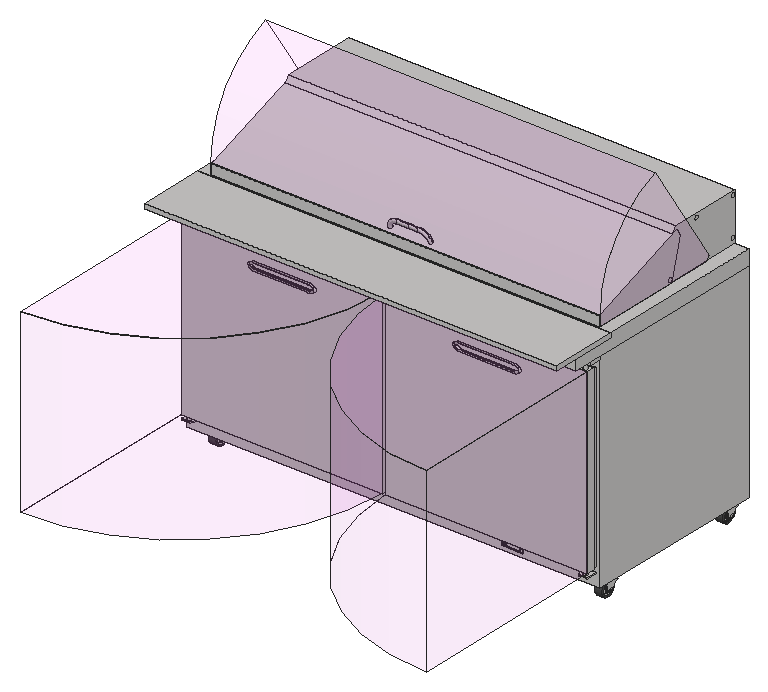
Revit family "QF_Kelvinator_738261_KCHMT60.24", category Specialty Equipment, Revit 2021
Family settings
  Round Connector Dimension = Use Diameter
  Part Type = Normal
  Work Plane-Based = No
  Always vertical = Yes
  Cut with Voids When Loaded = No
  Shared = No
  Room Calculation Point = No
Parameters
  Weight in Pounds = 275.578
  Weight = 125.00 lbm
  Watts = 0 W
  Volts = 115 V
  URL Manufacturer = "KELVINATOR"
  URL Cutsheet = ""
  URL = "KELVINATOR"
  Specification by User = ""
  Specification by Manufacturer = ""
  Serial Number = ""
  Seismic Rating = ""
  SMACNA No = ""
  Revision Code = ""
  Refrigerant Type = "R290"
  Phase = 1
  Number of Poles = 1
  NAFEM Spec ID Number = ""
  Model = "KCHMT60.24"
  Min Ckt Ampacity = 0 A
  Max Overcurrent Protection = 0 A
  Masterspec = ""
  Manufacturer = "Kelvinator"
  Length Actual = 1555"
  Length = 61 1/4"
  Item Number = "738261"
  Installed By = ""
  Identify Quantity as Lot = yes
  Height Actual = 1100"
  Height = 43.307"
  HP = "1 HP"
  Gas KW = 0
  Furnished By = ""
  Foodservice Equipment Identifier = yes
  FL Amps = 4.3 A
  Electrical Remarks = ""
  Electric Connection Type = ""
  Elec Conn RI Height = 0"
  Elec Conn Connection Height = 0"
  Description = "2-DOOR MEGA TOP PREP 61\" LONG 24-1/6 PAN"
  Depth Actual = 900"
  Depth = 35.433"
  Default Elevation = 0"
  Cycle = 60 Hz
  Conn Plug = "5-15P"
  Conn Conduit = yes
  CSI MasterFormat = ""
  Apparent Power = 0 VA
  Accessory = no
Reference planes (in)
  plane 1 "BACK": y = 0
  plane 2: z = 0
  plane 3 "LEFT": x = 0
  plane 4 "RIGHT": x = 61.25
  plane 5 "FRONT": y = -35.433
  plane 6 "TOP": z = 43.307
  plane 7 "Center Y": x = 30.625
  plane 8 "Center X": y = -17.7165
Dimensions and locks (in)
  equal spacing: plane 3 "LEFT", plane 7 "Center Y", plane 4 "RIGHT"
  "Length": plane 3 "LEFT" to plane 4 "RIGHT"
  equal spacing: plane 5 "FRONT", plane 8 "Center X", plane 1 "BACK"
  "Depth": plane 5 "FRONT" to plane 1 "BACK"
  "Height": plane 6 "TOP" to level
  aligned and locked: level to plane 2
Nested families (in)
  nested 1: "KCHST" at (0, 0, 0), type "KCHST"
    with Show Clearance yes
Connectors (in)
  electrical at (30.625, -0.87772, 2.31881), driven by "Volts", driven by "Watts"
    settings: on nested 1, index 1, voltage 115 V, apparent load 0 VA, apparent load phase1 0 VA, apparent load phase2 0 VA, apparent load phase3 0 VA, power factor 1, load classification "Power", number of poles 1, system type 30, power factor state 1, is connector primary yes, connector utility no, sub classification motor no, connector description "Electrical Connection"
Definition of nested family "KCHST"
  Parameters (values of type "KCHST")
    Weight in Pounds = 0
    URL Cutsheet = ""
    Specification by User = ""
    Specification by Manufacturer = ""
    Show Clearance [instance] = yes
    Serial Number = ""
    Seismic Rating = ""
    SMACNA No = ""
    Revision Code = ""
    NAFEM Spec ID Number = ""
    Masterspec = ""
    Length = 61 1/4"
    Item Number = ""
    Installed By = ""
    Identify Quantity as Lot = yes
    Height = 43.307"
    Furnished By = ""
    Foodservice Equipment Identifier = yes
    Depth = 35.433"
    Default Elevation = 0"
    CSI MasterFormat = ""
  Reference planes (in)
    plane 1 "BACK": y = 0
    plane 2: z = 0
    plane 3 "LEFT": x = 0
    plane 4 "RIGHT": x = 61.25
    plane 5 "FRONT": y = -35.433
    plane 6 "TOP": z = 43.307
    plane 7 "Center Y": x = 30.625
    plane 8 "Center X": y = -17.7165
    plane 9: z = 3.1
    plane 10: z = 33.9
    plane 11: y = -25.5
    plane 12: z = 36.2
    plane 13: y = -56
    plane 14: y = -29.2
    plane 15: z = 32.4
    plane 16: z = 5.6
    plane 17: y = -27.5
    plane 18: x = 59.25
    plane 19: x = 2
    plane 20: x = 15.42351
    plane 21: x = 45.82976
    plane 22: x = 59.375
    plane 23: x = 1.875
    plane 24: x = 1.945
    plane 25: x = 59.305
    plane 26: x = 0.5
    plane 27: x = 60.75
    plane 28: y = -31.9
    plane 29: z = 4.94353
    plane 30: through (0, -9.9541, 41.78057) normal (0, 0.9659, -0.2588)
    plane 31: x = 59.5
    plane 32: x = 1.72
  Forms (in)
    Extrusion 1, solid
      sketch origin (0, 0, 0) x (0, 1, 0) y (0, 0, 1)
        loop
          line (-27.5, 33.9) -> (-27.5, 3.1) -> (0, 3.1) -> (0, 33.9) -> (-27.5, 33.9)
      from 0 to 61.25
    Extrusion 2, solid
      sketch origin (0, 0, 0) x (0, 1, 0) y (0, 0, 1)
        loop
          line (-25.5, 36.2) -> (-25.5, 35.45) -> (-31.9, 35.45) -> (-31.9, 33.9) -> (0, 33.9) -> (0, 36.2) -> (-25.5, 36.2)
      from 0 to 61.25
    Extrusion 3, solid
      sketch origin (0, 0, 0) x (0, 1, 0) y (0, 0, 1)
        loop
          line (-35.433, 36.2) -> (-35.433, 35.45) -> (-25.5, 35.45) -> (-25.5, 36.2) -> (-35.433, 36.2)
      from 0 to 61.25
    Extrusion 4, solid
      sketch origin (0, 0, 0) x (0, 1, 0) y (0, 0, 1)
        loop
          line (-25.25, 36.2) -> (-12.40435, 36.2003)
          arc (-12.40435, 36.2003) -> (-12.06401, 36.30019) -> (-11.82007, 36.55768) r 0.68096
          line (-11.82007, 36.55768) -> (-10.4206, 41.90007) -> (-10.85311, 42.7135) -> (-25.25, 37.7) -> (-25.25, 36.2)
      from 1.875 to 59.375
    Extrusion 5, solid
      sketch origin (0, 0, 0) x (0, 1, 0) y (0, 0, 1)
        loop
          line (-12.40434, 36.2) -> (0, 36.2) -> (0, 43.307) -> (-10.99775, 43.307) -> (-11.58118, 42.47377) -> (-10.85311, 42.7135) -> (-10.4206, 41.90007) -> (-11.82007, 36.55768)
          arc (-11.82007, 36.55768) -> (-12.06401, 36.30019) -> (-12.40434, 36.2) r 0.68096
      from 1.945 to 59.305
    Extrusion 6, solid
      sketch origin (59.375, 4.25225, 0) x (0, 1, 0) y (0, 0, 1)
        loop
          circle (-16.51178, 36.72547) r 0.25
      from 0 to 0.07437
    Extrusion 7, solid
      sketch origin (59.305, -0.03482, 0) x (0, 1, 0) y (0, 0, 1)
        loop
          circle (-0.51178, 37.22547) r 0.25
      from 0 to 0.07
    Extrusion 8, solid
      sketch origin (59.305, -0.03482, 0) x (0, 1, 0) y (0, 0, 1)
        loop
          circle (-0.51178, 42.84497) r 0.25
      from 0 to 0.07
    Extrusion 9, solid
      sketch origin (59.305, -0.03482, 0) x (0, 1, 0) y (0, 0, 1)
        loop
          circle (-7.26178, 42.84497) r 0.25
      from 0 to 0.07
    Extrusion 10, solid
      sketch origin (1.945, 0, 0) x (0, -1, 0) y (0, 0, 1)
        loop
          circle (0.5466, 37.22547) r 0.25
      from 0 to 0.07
    Extrusion 11, solid
      sketch origin (1.945, 0, 0) x (0, -1, 0) y (0, 0, 1)
        loop
          circle (0.5466, 42.84497) r 0.25
      from 0 to 0.07
    Extrusion 12, solid
      sketch origin (1.945, 0, 0) x (0, -1, 0) y (0, 0, 1)
        loop
          circle (7.2966, 42.84497) r 0.25
      from 0 to 0.07
    Sweep 13, solid
      path origin (0, 3.95717, 8.33321) x (1, 0, 0) y (0, -0.312748, 0.949836)
        loop
          line (28.3125, 36.85625) -> (28.3125, 37.0125)
          arc (28.3125, 37.0125) -> (28.53217, 37.54283) -> (29.0625, 37.7625) r 0.75
          line (29.0625, 37.7625) -> (30.9375, 37.7625) -> (32.1875, 37.7625)
          arc (32.1875, 37.7625) -> (32.71783, 37.54283) -> (32.9375, 37.0125) r 0.75
          line (32.9375, 37.0125) -> (32.9375, 36.85625)
      profile origin (31.5625, -7.85298, 44.2014) x (0, -0.312748, 0.949836) y (0, -0.949836, -0.312748)
        loop
          circle (0.69146, 17.59878) r 0.25
    Extrusion 14, solid
      sketch origin (0, 0, 0) x (0, 1, 0) y (0, 0, 1)
        loop
          line (-29.2, 33.9) -> (-29.2, 33.4) -> (-27.5, 33.4) -> (-27.5, 33.9) -> (-29.2, 33.9)
      from 0 to 61.25
    Extrusion 15, solid
      sketch origin (30.625, 6.90541, 48) x (0, 1, 0) y (0, 0, 1)
        loop
          line (-36.10541, -15.6) -> (-36.10541, -42.4) -> (-34.95211, -42.4) -> (-34.95211, -15.6) -> (-36.10541, -15.6)
      from -0.25 to -30.125
    Extrusion 16, solid
      sketch origin (0, 0, 0) x (0, 1, 0) y (0, 0, 1)
        loop
          line (-28.04671, 32.20449) -> (-28.04671, 5.81322) -> (-27.79671, 5.81322) -> (-27.79671, 32.20449) -> (-28.04671, 32.20449)
      from 0.74536 to 30.10166
    Extrusion 17, solid
      sketch origin (0, 0.25, 0) x (0, 1, 0) y (0, 0, 1)
        loop
          line (-28.04671, 32.20449) -> (-28.04671, 5.81322) -> (-27.864, 5.81322) -> (-27.864, 32.20449) -> (-28.04671, 32.20449)
      from 0.74536 to 30.10166
    Extrusion 18, solid
      sketch origin (0, 0.4327, 0) x (0, 1, 0) y (0, 0, 1)
        loop
          line (-28.04671, 32.20449) -> (-28.04671, 5.81322) -> (-27.9327, 5.81322) -> (-27.9327, 32.20449) -> (-28.04671, 32.20449)
      from 0.74536 to 30.10166
    Extrusion 19, solid
      sketch origin (-5.72957, -27.5, -4.77927) x (-1, 0, 0) y (0, 0, 1)
        loop
          line (-52.44258, 9.70772) -> (-55.59219, 9.70772) -> (-55.59219, 8.52662) -> (-52.44258, 8.52662) -> (-52.44258, 9.70772)
        loop
          line (-52.52132, 9.63107) -> (-52.91503, 9.63107) -> (-52.91503, 9.31193) -> (-52.52132, 9.31193) -> (-52.52132, 9.63107)
        loop
          line (-52.52132, 9.27674) -> (-52.91503, 9.27674) -> (-52.91503, 8.9576) -> (-52.52132, 8.9576) -> (-52.52132, 9.27674)
        loop
          line (-52.52132, 8.92241) -> (-52.91503, 8.92241) -> (-52.91503, 8.60327) -> (-52.52132, 8.60327) -> (-52.52132, 8.92241)
        loop
          line (-55.51345, 9.63107) -> (-55.51345, 9.31193) -> (-55.11975, 9.31193) -> (-55.11975, 9.63107) -> (-55.51345, 9.63107)
        loop
          line (-55.51345, 9.27674) -> (-55.51345, 8.9576) -> (-55.11975, 8.9576) -> (-55.11975, 9.27674) -> (-55.51345, 9.27674)
        loop
          line (-55.51345, 8.92241) -> (-55.51345, 8.60327) -> (-55.11975, 8.60327) -> (-55.11975, 8.92241) -> (-55.51345, 8.92241)
        loop
          line (-52.99251, 9.63107) -> (-55.04227, 9.63107) -> (-55.04227, 8.60716) -> (-52.99251, 8.60716) -> (-52.99251, 9.63107)
      from 0.07874 to -0.04602
    Extrusion 20, solid
      sketch origin (-5.72957, -27.54602, -4.77927) x (1, 0, 0) y (0, 0, 1)
        loop
          line (55.11975, 9.63107) -> (55.11975, 9.31193) -> (55.51345, 9.31193) -> (55.51345, 9.63107) -> (55.11975, 9.63107)
        loop
          line (55.11975, 9.27674) -> (55.11975, 8.9576) -> (55.51345, 8.9576) -> (55.51345, 9.27674) -> (55.11975, 9.27674)
        loop
          line (55.11975, 8.92241) -> (55.11975, 8.60327) -> (55.51345, 8.60327) -> (55.51345, 8.92241) -> (55.11975, 8.92241)
        loop
          line (52.91503, 9.63107) -> (52.52132, 9.63107) -> (52.52132, 9.31193) -> (52.91503, 9.31193) -> (52.91503, 9.63107)
        loop
          line (52.91503, 9.27674) -> (52.52132, 9.27674) -> (52.52132, 8.9576) -> (52.91503, 8.9576) -> (52.91503, 9.27674)
        loop
          line (52.91503, 8.92241) -> (52.52132, 8.92241) -> (52.52132, 8.60327) -> (52.91503, 8.60327) -> (52.91503, 8.92241)
      from 0 to -0.07874
    Extrusion 21, solid
      sketch origin (-5.72957, -27.54602, -4.77927) x (1, 0, 0) y (0, 0, 1)
        loop
          line (52.99251, 9.63107) -> (52.99251, 8.60716) -> (55.04227, 8.60716) -> (55.04227, 9.63107) -> (52.99251, 9.63107)
      from 0 to -0.07874
    Extrusion 22, void
      sketch origin (-5.72957, -27.5, -4.77927) x (-1, 0, 0) y (0, 0, 1)
        loop
          line (-52.44258, 9.70772) -> (-55.59219, 9.70772) -> (-55.59219, 8.52662) -> (-52.44258, 8.52662) -> (-52.44258, 9.70772)
      from 0 to 0.07874
    Extrusion 23, void
      sketch origin (-37.40318, -29.19996, 31.5181) x (0, 0, 1) y (1, 0, 0)
        loop
          line (-1.94791, 48.65169) -> (-1.94791, 57.00169) -> (-2.28604, 57.54269)
          arc (-2.28604, 57.54269) -> (-2.38541, 57.59777) -> (-2.48479, 57.54269) r 0.11719
          line (-2.48479, 57.54269) -> (-2.82291, 57.00169) -> (-2.82291, 48.65169) -> (-2.48621, 48.11297)
          arc (-2.48621, 48.11297) -> (-2.38541, 48.0571) -> (-2.28462, 48.11297) r 0.11887
          line (-2.28462, 48.11297) -> (-1.94791, 48.65169)
      from 0 to 0.31887
    Sweep 24, solid
      path origin (-37.40318, -26.39996, 31.5181) x (0, 0, -1) y (1, 0, 0)
        loop
          line (2.82291, 57.00169) -> (2.48479, 57.54269)
          arc (2.48479, 57.54269) -> (2.38541, 57.59777) -> (2.28604, 57.54269) r 0.11719
          line (2.28604, 57.54269) -> (1.94791, 57.00169) -> (1.94791, 48.65169) -> (2.28462, 48.11297)
          arc (2.28462, 48.11297) -> (2.38541, 48.0571) -> (2.48621, 48.11297) r 0.11887
          line (2.48621, 48.11297) -> (2.82291, 48.65169) -> (2.82291, 57.00169)
      profile origin (15.42351, -26.39996, 28.69519) x (0, 0, -1) y (0, -1, 0)
        loop
          line (0, 2.8) -> (0.25, 2.8)
          arc (0.25, 2.8) -> (0.125, 2.85269) -> (0, 2.8) r 0.17461
    Extrusion 25, solid
      sketch origin (-16.15625, -3.56521, 3.1) x (-1, 0, 0) y (0, 1, 0)
        loop
          circle (-46.78125, 2.68749) r 0.25
      from 0 to 0.78119
    Extrusion 26, solid
      sketch origin (30.625, 6.90541, 48) x (0, 1, 0) y (0, 0, -1)
        loop
          line (-36.10541, 15.6) -> (-34.95211, 15.6) -> (-34.95211, 42.4) -> (-36.10541, 42.4) -> (-36.10541, 15.6)
      from -0.25 to -30.095
    Extrusion 27, solid
      sketch origin (48.25, 0, 0) x (0, 1, 0) y (0, 0, -1)
        loop
          line (-28.04671, -32.20449) -> (-27.79671, -32.20449) -> (-27.79671, -5.81322) -> (-28.04671, -5.81322) -> (-28.04671, -32.20449)
      from -12.26316 to 17.10364
    Extrusion 28, solid
      sketch origin (48.25, 0.25, 0) x (0, 1, 0) y (0, 0, -1)
        loop
          line (-28.04671, -32.20449) -> (-27.864, -32.20449) -> (-27.864, -5.81322) -> (-28.04671, -5.81322) -> (-28.04671, -32.20449)
      from -12.5 to 17.10364
    Extrusion 29, solid
      sketch origin (48.25, 0.4327, 0) x (0, 1, 0) y (0, 0, -1)
        loop
          line (-28.04671, -32.20449) -> (-27.9327, -32.20449) -> (-27.9327, -5.81322) -> (-28.04671, -5.81322) -> (-28.04671, -32.20449)
      from -12.26316 to 17.10364
    Extrusion 30, void
      sketch origin (85.65318, -29.19996, 31.5181) x (0, 0, 1) y (1, 0, 0)
        loop
          line (-1.94791, -35.64842) -> (-2.28462, -35.1097)
          arc (-2.28462, -35.1097) -> (-2.38541, -35.05383) -> (-2.48621, -35.1097) r 0.11887
          line (-2.48621, -35.1097) -> (-2.82291, -35.64842) -> (-2.82291, -43.99842) -> (-2.48479, -44.53942)
          arc (-2.48479, -44.53942) -> (-2.38541, -44.5945) -> (-2.28604, -44.53942) r 0.11719
          line (-2.28604, -44.53942) -> (-1.94791, -43.99842) -> (-1.94791, -35.64842)
      from 0 to 0.31887
    Sweep 31, solid
      path origin (85.65318, -26.39996, 31.5181) x (0, 0, -1) y (1, 0, 0)
        loop
          line (2.82291, -43.99842) -> (2.82291, -35.64842) -> (2.48621, -35.1097)
          arc (2.48621, -35.1097) -> (2.38541, -35.05383) -> (2.28462, -35.1097) r 0.11887
          line (2.28462, -35.1097) -> (1.94791, -35.64842) -> (1.94791, -43.99842) -> (2.28604, -44.53942)
          arc (2.28604, -44.53942) -> (2.38541, -44.5945) -> (2.48479, -44.53942) r 0.11719
          line (2.48479, -44.53942) -> (2.82291, -43.99842)
      profile origin (45.82976, -26.39996, 28.69519) x (0, 0, 1) y (0, -1, 0)
        loop
          arc (0, 2.8) -> (-0.125, 2.85269) -> (-0.25, 2.8) r 0.17461
          line (-0.25, 2.8) -> (0, 2.8)
    Extrusion 32, solid
      sketch origin (1.875, 0, 0) x (0, 1, 0) y (0, 0, -1)
        loop
          circle (-12.25953, -36.72547) r 0.25
      from 0 to 0.07437
    Extrusion 33, solid, visible <- "Show Clearance"
      sketch origin (1.875, -180, 49.90154) x (0, 0, 1) y (0, 1, 0)
        loop
          line (-13.70154, 154.75) -> (-12.19097, 154.75)
          arc (-12.19097, 154.75) -> (-3.32464, 157.56042) -> (2.30367, 164.96532) r 15.39097
          line (2.30367, 164.96532) -> (-13.07323, 175.03724) -> (-13.70154, 174.36347) -> (-13.70154, 154.75)
      from 0.155 to -57.625
    Extrusion 34, solid
      sketch origin (30.625, -28.04671, 5.6) x (-1, 0, 0) y (0, 1, 0)
        loop
          arc (0.25, -1.15329) -> (9.00018, -22.27811) -> (30.125, -31.02829) r 29.875
          line (30.125, -31.02829) -> (30.125, -1.15329) -> (0.25, -1.15329)
        loop
          line (-0.25, -1.15329) -> (-30.125, -1.15329) -> (-30.125, -31.02829)
          arc (-30.125, -31.02829) -> (-9.00018, -22.27811) -> (-0.25, -1.15329) r 29.875
      from 0 to -26.8
    Revolve 35, solid
      sketch origin (1.2399, -180, 38.05497) x (0, 0, 1) y (0, -1, 0)
        loop
          line (-5.65497, -151.37665) -> (-5.65497, -151.67444) -> (-4.89435, -151.67444) -> (-4.89435, -151.8454) -> (-4.65497, -151.8454) -> (-4.65497, -151.37665) -> (-5.65497, -151.37665)
        axis (-4.65497, -151.37665) -> (-5.65497, -151.37665)
      angle from 0 to 360
    Revolve 36, solid
      sketch origin (60.0101, -180, 38.05497) x (0, 0, 1) y (0, -1, 0)
        loop
          line (-5.65497, -151.37665) -> (-5.65497, -151.67444) -> (-4.89435, -151.67444) -> (-4.89435, -151.8454) -> (-4.65497, -151.8454) -> (-4.65497, -151.37665) -> (-5.65497, -151.37665)
        axis (-4.65497, -151.37665) -> (-5.65497, -151.37665)
      angle from 0 to 360
    Extrusion 37, solid
      sketch origin (-4.19846, -180, 4.94353) x (-1, 0, 0) y (0, -1, 0)
        loop
          line (-4.69846, -152.33) -> (-4.69846, -150.97)
          arc (-4.69846, -150.97) -> (-4.74825, -150.84979) -> (-4.86846, -150.8) r 0.17
          line (-4.86846, -150.8) -> (-5.90533, -150.8)
          arc (-5.90533, -150.8) -> (-6.00405, -150.8316) -> (-6.06607, -150.91465) r 0.17
          line (-6.06607, -150.91465) -> (-6.53435, -152.27465)
          arc (-6.53435, -152.27465) -> (-6.51201, -152.42872) -> (-6.37361, -152.5) r 0.17
          line (-6.37361, -152.5) -> (-4.86846, -152.5)
          arc (-4.86846, -152.5) -> (-4.74825, -152.45021) -> (-4.69846, -152.33) r 0.17
        loop
          arc (-64.94846, -152.33) -> (-64.89867, -152.45021) -> (-64.77846, -152.5) r 0.17
          line (-64.77846, -152.5) -> (-63.27331, -152.5)
          arc (-63.27331, -152.5) -> (-63.13491, -152.42872) -> (-63.11257, -152.27465) r 0.17
          line (-63.11257, -152.27465) -> (-63.58086, -150.91465)
          arc (-63.58086, -150.91465) -> (-63.64288, -150.8316) -> (-63.7416, -150.8) r 0.17
          line (-63.7416, -150.8) -> (-64.77846, -150.8)
          arc (-64.77846, -150.8) -> (-64.89867, -150.84979) -> (-64.94846, -150.97) r 0.17
          line (-64.94846, -150.97) -> (-64.94846, -152.33)
      from 0 to 0.10761
    Revolve 38, solid
      sketch origin (1.2399, -180, -0.05497) x (0, 0, -1) y (0, 1, 0)
        loop
          line (-5.65497, 151.37665) -> (-5.1061, 151.37665) -> (-5.1061, 151.67444) -> (-5.65497, 151.67444) -> (-5.65497, 151.37665)
        axis (-5.1061, 151.37665) -> (-5.65497, 151.37665)
      angle from 0 to 360
    Revolve 39, solid
      sketch origin (60.0101, -180, -0.05497) x (0, 0, -1) y (0, 1, 0)
        loop
          line (-5.65497, 151.37665) -> (-5.1061, 151.37665) -> (-5.1061, 151.67444) -> (-5.65497, 151.67444) -> (-5.65497, 151.37665)
        axis (-5.1061, 151.37665) -> (-5.65497, 151.37665)
      angle from 0 to 360
  Cuts and joins
    Extrusion 22 cuts Extrusion 19
    Extrusion 23, Extrusion 30 cuts Extrusion 15
    Extrusion 30 cuts Extrusion 26
    joined: Extrusion 4, Sweep 13
  Lines and regions (in)
    symbolic lines
      curve 1: line (61.25, -35.433, 0) -> (61.25, 0, 0)
      curve 2: line (61.25, 0, 0) -> (0, 0, 0)
      curve 3: line (0, 0, 0) -> (0, -35.433, 0)
      curve 4: line (0, -25.5, 0) -> (28.00816, -25.5, 0)
      curve 5: line (0, -35.433, 0) -> (61.25, -35.433, 0)
      curve 6: line (0, -25.25, 0) -> (33.4716, -25.25, 0)
      curve 7: line (1.945, -11.58118, 0) -> (59.305, -11.58118, 0)
      curve 8: line (1.945, -10.99775, 0) -> (59.305, -10.99775, 0)
      curve 9: line (59.305, -11.58118, 0) -> (59.305, 0, 0)
      curve 10: line (59.375, -12.00953, 0) -> (59.44937, -12.00953, 0)
      curve 11: line (59.375, -12.50953, 0) -> (59.44937, -12.50953, 0)
      curve 12: line (59.375, -10.4206, 0) -> (59.305, -10.4206, 0)
      curve 13: line (59.375, -10.85311, 0) -> (59.305, -10.85311, 0)
      curve 14: line (59.375, -8.0131, 0) -> (59.305, -8.0131, 0)
      curve 15: line (59.375, -7.5131, 0) -> (59.305, -7.5131, 0)
      curve 16: line (59.375, -0.7966, 0) -> (59.305, -0.7966, 0)
      curve 17: line (59.375, -0.2966, 0) -> (59.305, -0.2966, 0)
      curve 18: spline (27.37104, -24.32355, 0) -> (27.37956, -24.26642, 0) -> (27.40453, -24.21318, 0) -> (27.44426, -24.16746, 0) -> (27.49604, -24.13238, 0) -> (27.55634, -24.11033, 0) -> (27.62104, -24.10281, 0) -> (27.68575, -24.11033, 0) -> (27.74604, -24.13238, 0) -> (27.79782, -24.16746, 0) -> (27.83755, -24.21318, 0) -> (27.86252, -24.26642, 0) -> (27.87104, -24.32355, 0)
      curve 19: spline (33.37896, -24.32355, 0) -> (33.38748, -24.26642, 0) -> (33.41245, -24.21318, 0) -> (33.45218, -24.16746, 0) -> (33.50396, -24.13238, 0) -> (33.56425, -24.11033, 0) -> (33.62896, -24.10281, 0) -> (33.69366, -24.11033, 0) -> (33.75396, -24.13238, 0) -> (33.80574, -24.16746, 0) -> (33.84547, -24.21318, 0) -> (33.87044, -24.26642, 0) -> (33.87896, -24.32355, 0)
      curve 20: line (30.625, -24.58998, 0) -> (32.21572, -24.58998, 0)
      curve 21: line (30.625, -25.09118, 0) -> (32.28272, -25.09118, 0)
      curve 22: line (33.87896, -24.32355, 0) -> (33.87896, -24.35464, 0)
      curve 23: line (33.37896, -24.32355, 0) -> (33.37896, -24.35464, 0)
      curve 24: line (27.37104, -24.32355, 0) -> (27.37104, -24.35464, 0)
      curve 25: line (27.87104, -24.32355, 0) -> (27.87104, -24.35464, 0)
      curve 26: line (33.4716, -25.25, 0) -> (61.25, -25.25, 0)
      curve 27: line (28.00816, -25.5, 0) -> (61.25, -25.5, 0)
      curve 28: line (59.375, -7.5131, 0) -> (59.375, -8.0131, 0)
      curve 29: line (59.375, -10.4206, 0) -> (59.375, -25.25, 0)
      curve 30: line (59.44937, -12.00953, 0) -> (59.44937, -12.50953, 0)
      curve 31: line (59.375, -0.7966, 0) -> (59.375, -0.2966, 0)
      curve 32: line (1.945, -11.58118, 0) -> (1.945, 0, 0)
      curve 33: line (1.875, -12.00953, 0) -> (1.80063, -12.00953, 0)
      curve 34: line (1.875, -12.50953, 0) -> (1.80063, -12.50953, 0)
      curve 35: line (1.875, -10.4206, 0) -> (1.945, -10.4206, 0)
      curve 36: line (1.875, -10.85311, 0) -> (1.945, -10.85311, 0)
      curve 37: line (1.875, -8.0131, 0) -> (1.945, -8.0131, 0)
      curve 38: line (1.875, -7.5131, 0) -> (1.945, -7.5131, 0)
      curve 39: line (1.875, -0.7966, 0) -> (1.945, -0.7966, 0)
      curve 40: line (1.875, -0.2966, 0) -> (1.945, -0.2966, 0)
      curve 41: line (1.875, -7.5131, 0) -> (1.875, -8.0131, 0)
      curve 42: line (1.875, -10.4206, 0) -> (1.875, -25.25, 0)
      curve 43: line (1.80063, -12.00953, 0) -> (1.80063, -12.50953, 0)
      curve 44: line (1.875, -0.7966, 0) -> (1.875, -0.2966, 0)
      curve 45: arc (33.87896, -24.35464, 0) -> (33.86361, -24.47964, 0) -> (33.81848, -24.59722, 0) r 0.5167
      curve 46: arc (33.81848, -24.59722, 0) -> (33.7336, -24.71192, 0) -> (33.61889, -24.7968, 0) r 0.48271
      curve 47: arc (33.61889, -24.7968, 0) -> (33.37129, -24.90964, 0) -> (33.11179, -24.99146, 0) r 2.22854
      curve 48: arc (33.11179, -24.99146, 0) -> (32.68895, -25.06859, 0) -> (32.25974, -25.09118, 0) r 3.36432
      curve 49: arc (33.37896, -24.35464, 0) -> (33.14464, -24.46595, 0) -> (32.89146, -24.5225, 0) r 1.16212
      curve 50: arc (32.89146, -24.5225, 0) -> (32.55527, -24.57307, 0) -> (32.21572, -24.58998, 0) r 3.41713
      curve 51: line (30.625, -24.58998, 0) -> (29.03428, -24.58998, 0)
      curve 52: line (30.625, -25.09118, 0) -> (28.96728, -25.09118, 0)
      curve 53: line (27.87104, -24.32355, 0) -> (27.87104, -24.35464, 0)
      curve 54: arc (27.37104, -24.35464, 0) -> (27.38639, -24.47964, 0) -> (27.43152, -24.59722, 0) r 0.5167
      curve 55: arc (27.43152, -24.59722, 0) -> (27.5164, -24.71192, 0) -> (27.63111, -24.7968, 0) r 0.48271
      curve 56: arc (27.63111, -24.7968, 0) -> (27.87871, -24.90964, 0) -> (28.13821, -24.99146, 0) r 2.22854
      curve 57: arc (28.13821, -24.99146, 0) -> (28.56105, -25.06859, 0) -> (28.99026, -25.09118, 0) r 3.36432
      curve 58: arc (27.87104, -24.35464, 0) -> (28.10536, -24.46595, 0) -> (28.35854, -24.5225, 0) r 1.16212
      curve 59: arc (28.35854, -24.5225, 0) -> (28.69473, -24.57307, 0) -> (29.03428, -24.58998, 0) r 3.41713
      curve 60: arc (30.20537, -35.433, 0) -> (28.70365, -40.41668, 0) -> (26.37251, -45.0705, 0) r 30.35226
      curve 61: line (9.67987, -35.433, 0) -> (26.37251, -45.0705, 0)
      curve 62: arc (31.04463, -35.433, 0) -> (32.54635, -40.41668, 0) -> (34.87749, -45.0705, 0) r 30.35226
      curve 63: line (51.57013, -35.433, 0) -> (34.87749, -45.0705, 0)
  Dimensions and locks (in)
    equal spacing: plane 3 "LEFT", plane 7 "Center Y", plane 4 "RIGHT"
    "Length": plane 3 "LEFT" to plane 4 "RIGHT"
    equal spacing: plane 5 "FRONT", plane 8 "Center X", plane 1 "BACK"
    "Depth": plane 5 "FRONT" to plane 1 "BACK"
    "Height": plane 6 "TOP" to level
    level to plane 9 = 3.1"
    plane 10 to plane 9 = 30.8"
    plane 6 "TOP" to plane 10 = 9.407"
    plane 5 "FRONT" to plane 1 "BACK" = 35.433"
    plane 11 to plane 1 "BACK" = 25 1/2"
    plane 10 to plane 12 = 2.3"
    plane 13 to plane 1 "BACK" = 56"
    plane 16 to plane 15 = 26.8"
    locked: plane 4 "RIGHT" to plane 18 at 2
    locked: plane 3 "LEFT" to plane 19 at 2
    plane 23 to plane 22 = 57 1/2"
    locked: plane 4 "RIGHT" to plane 22 at 1.875
    locked: plane 3 "LEFT" to plane 23 at 1.875
    locked: plane 26 to plane 3 "LEFT" at 0.5
    locked: plane 27 to plane 4 "RIGHT" at 0.5
    locked: plane 22 to plane 25 at 0.07
    plane 3 "LEFT" to plane 4 "RIGHT" = 61 1/4"
    plane 28 to plane 1 "BACK" = 31.9"
    Extrusion 33 to plane 31 = 0"
    aligned and locked: level to plane 2
    aligned and locked: plane 18 to nested 3
    aligned and locked: plane 18 to nested 1
    aligned and locked: nested 4 to plane 19
    aligned and locked: nested 2 to plane 19
    aligned and locked: Extrusion 1 to plane 4 "RIGHT"
    aligned and locked: Extrusion 2 to plane 4 "RIGHT"
    aligned and locked: Extrusion 14 to plane 4 "RIGHT"
    aligned and locked: Extrusion 3 to plane 4 "RIGHT"
    aligned and locked: cut or joined group of Extrusion 4, Sweep 13 to plane 22
    aligned and locked: plane 23 to cut or joined group of Extrusion 4, Sweep 13
    aligned and locked: plane 24 to Extrusion 5
    aligned and locked: Extrusion 5 to plane 25
  Automatic sketch dimensions
    curve 3 to plane 3 "LEFT" = 0"
    curve 60 to plane 14 = 0"
    curve 60 to plane 26 = 0"
    curve 44 to plane 23 = 0"
    curve 36 to plane 23 = 0"
    curve 37 to plane 23 = 0"
    curve 37 to plane 24 = 0"
    plane 5 "FRONT" to curve 61 = 0"
    plane 11 to curve 27 = 0"
    curve 21 to plane 7 "Center Y" = 0"
    curve 51 to plane 7 "Center Y" = 0"
    curve 12 to plane 25 = 0"
    curve 28 to plane 22 = 0"
    curve 16 to plane 22 = 0"
    curve 29 to plane 22 = 0"
    curve 62 to plane 14 = 0"
    curve 62 to plane 27 = 0"
    curve 26 to plane 4 "RIGHT" = 0"
    plane 1 "BACK" to curve 9 = 0"
    plane 23 to curve 43 = 0.07437"
    curve 61 to plane 7 "Center Y" = 4.25249"
    curve 24 to plane 11 = 1.14536"
    curve 24 to plane 7 "Center Y" = 3.25396"
    curve 24 to curve 55 = 0.48669"
    curve 55 to curve 53 = 0.01331"
    curve 58 to curve 54 = 0.0167"
    curve 55 to curve 27 = 0.15044"
    curve 18 to curve 58 = 0.61267"
    curve 58 to curve 56 = 0.19364"
    curve 56 to curve 57 = 0.27477"
    curve 57 to curve 59 = 0.08217"
    plane 7 "Center Y" to curve 50 = 1.59072"
    curve 50 to curve 48 = 0.08217"
    curve 48 to curve 47 = 0.27477"
    curve 47 to curve 49 = 0.19364"
    curve 49 to curve 45 = 0.59598"
    curve 45 to curve 23 = 0.0167"
    curve 23 to curve 46 = 0.01331"
    curve 6 to plane 11 = 1/4"
    curve 46 to curve 6 = 0.07932"
    curve 46 to curve 22 = 0.48669"
    plane 7 "Center Y" to curve 63 = 4.25249"
    curve 10 to curve 10 = 0.07437"
    plane 5 "FRONT" to curve 63 = 9.6375"
    curve 61 to curve 63 = 0"
    curve 52 to plane 11 = 0.40882"
    curve 48 to curve 20 = 0.5012"
    curve 55 to curve 54 = 0.01596"
    curve 6 to curve 46 = 0.8794"
    curve 46 to curve 22 = 0.01596"
    curve 45 to curve 23 = 0"
    curve 25 to curve 54 = 0"
    curve 45 to curve 22 = 0.03109"
    curve 58 to curve 25 = 0.03109"
    curve 19 to curve 49 = 0.95641"
    curve 18 to curve 58 = 0.95641"
    curve 58 to curve 56 = 0.53802"
    curve 49 to curve 47 = 0.53802"
    curve 47 to curve 48 = 1.10204"
    curve 56 to curve 57 = 1.10204"
    curve 57 to curve 59 = 0.55422"
    curve 48 to curve 50 = 0.55422"
    plane 8 "Center X" to curve 11 = 5.20697"
    plane 8 "Center X" to curve 43 = 5.20697"
    curve 34 to curve 43 = 1/2"
    curve 11 to curve 10 = 1/2"
    curve 10 to curve 7 = 0.42835"
    curve 7 to curve 35 = 1.16058"
    curve 7 to curve 29 = 1.16058"
    curve 12 to curve 28 = 2.4075"
    curve 35 to curve 41 = 2.4075"
    curve 37 to curve 38 = 1/2"
    curve 14 to curve 15 = 1/2"
    plane 1 "BACK" to curve 31 = 0.7966"
    plane 1 "BACK" to curve 44 = 0.7966"
    plane 1 "BACK" to curve 17 = 0.2966"
    plane 1 "BACK" to curve 40 = 0.2966"
    curve 61 to plane 20 = 5.74364"
    curve 55 to curve 54 = 0"
    curve 56 to curve 55 = 0"
    curve 57 to curve 56 = 0"
    curve 52 to curve 57 = 0.02299"
    curve 50 to curve 48 = 0.04402"
    curve 48 to curve 21 = 0.02299"
    curve 47 to curve 48 = 0"
    curve 46 to curve 47 = 0"
    curve 63 to plane 21 = 5.74037"
    curve 8 to curve 35 = 0.57715"
    curve 8 to curve 13 = 0.14464"
    curve 8 to curve 36 = 0.14464"
    plane 9 to Extrusion 1 sketch curve = 0"
    Extrusion 1 sketch curve to plane 17 = 0"
    Extrusion 1 sketch curve to plane 1 "BACK" = 0"
    Extrusion 1 sketch curve to plane 10 = 0"
    Extrusion 2 sketch curve to plane 10 = 0"
    Extrusion 2 sketch curve to plane 28 = 0"
    Extrusion 2 sketch curve to plane 11 = 0"
    Extrusion 2 sketch curve to plane 1 "BACK" = 0"
    plane 12 to Extrusion 2 sketch curve = 0"
    Extrusion 2 sketch curve to Extrusion 2 sketch curve = 3/4"
    Extrusion 3 sketch curve to plane 5 "FRONT" = 0"
    Extrusion 3 sketch curve to plane 11 = 0"
    plane 12 to Extrusion 3 sketch curve = 0"
    Extrusion 3 sketch curve to Extrusion 3 sketch curve = 3/4"
    plane 12 to Extrusion 4 sketch curve = 0"
    Extrusion 4 sketch curve to plane 11 = 1/4"
    Extrusion 4 sketch curve to plane 12 = 0.6811"
    plane 8 "Center X" to Extrusion 4 sketch curve = 5.29717"
    Extrusion 4 sketch curve to plane 12 = 0.35768"
    Extrusion 4 sketch curve to Extrusion 4 sketch curve = 0.59925"
    Extrusion 4 sketch curve to plane 6 "TOP" = 0.5935"
    Extrusion 4 sketch curve to Extrusion 4 sketch curve = 1.56621"
    Extrusion 4 sketch curve to plane 6 "TOP" = 1.40693"
    Extrusion 4 sketch curve to Extrusion 4 sketch curve = 0.43251"
    Extrusion 4 sketch curve to plane 12 = 1 1/2"
    Extrusion 4 sketch curve to plane 12 = 0.0003"
    Extrusion 4 sketch curve to Extrusion 4 sketch curve = 0"
    plane 12 to Extrusion 5 sketch curve = 0"
    Extrusion 5 sketch curve to plane 6 "TOP" = 0"
    Extrusion 5 sketch curve to plane 1 "BACK" = 0"
    Extrusion 5 sketch curve to plane 6 "TOP" = 1.40693"
    plane 8 "Center X" to Extrusion 5 sketch curve = 7.2959"
    Extrusion 5 sketch curve to plane 6 "TOP" = 0.5935"
    Extrusion 5 sketch curve to Extrusion 5 sketch curve = 0.43251"
    Extrusion 5 sketch curve to Extrusion 5 sketch curve = 0.14464"
    Extrusion 5 sketch curve to plane 6 "TOP" = 0.83323"
    Extrusion 5 sketch curve to Extrusion 5 sketch curve = 0.72807"
    Extrusion 5 sketch curve to plane 12 = 0.35768"
    Extrusion 5 sketch curve to Extrusion 5 sketch curve = 1.39947"
    Extrusion 5 sketch curve to Extrusion 5 sketch curve = 0.59925"
    Extrusion 5 sketch curve to Extrusion 5 sketch curve = 0.32342"
    Extrusion 5 sketch curve to Extrusion 5 sketch curve = 0.01499"
    Extrusion 5 sketch curve to plane 12 = 0.0003"
    Extrusion 6 sketch curve to Extrusion 4 = 0.52547"
    Extrusion 6 sketch curve to Extrusion 4 = 12.99047"
    Extrusion 7 sketch curve to Extrusion 5 = 0.5466"
    Extrusion 7 sketch curve to Extrusion 5 = 1.02547"
    Extrusion 8 sketch curve to Extrusion 5 = 0.5466"
    Extrusion 8 sketch curve to Extrusion 5 = 0.46203"
    Extrusion 9 sketch curve to Extrusion 5 = 0.46203"
    Extrusion 9 sketch curve to Extrusion 5 = 7.2966"
    Extrusion 10 sketch curve to Extrusion 5 = 0.5466"
    Extrusion 10 sketch curve to Extrusion 5 = 1.02547"
    Extrusion 11 sketch curve to Extrusion 5 = 0.5466"
    Extrusion 11 sketch curve to Extrusion 5 = 0.46203"
    Extrusion 12 sketch curve to Extrusion 5 = 0.46203"
    Extrusion 12 sketch curve to Extrusion 5 = 7.2966"
    Sweep 13 sketch curve to plane 7 "Center Y" = 2 5/16"
    Sweep 13 sketch curve to Sweep 13 sketch curve = 3/4"  (x2)
    plane 7 "Center Y" to Sweep 13 sketch curve = 5/16"
    Sweep 13 sketch curve to Sweep 13 sketch curve = 1 1/4"
    Sweep 13 sketch curve to Sweep 13 sketch curve = 5/32"  (x2)
    Sweep 13 sketch curve to profile plane = 0.69146"
    profile plane to Sweep 13 sketch curve = 17.59878"
    Extrusion 14 sketch curve to plane 10 = 0"
    Extrusion 14 sketch curve to plane 14 = 0"
    Extrusion 14 sketch curve to plane 17 = 0"
    Extrusion 14 sketch curve to Extrusion 14 sketch curve = 1/2"
    Extrusion 15 sketch curve to plane 14 = 0"
    plane 16 to Extrusion 15 sketch curve = 0"
    plane 15 to Extrusion 15 sketch curve = 0"
    Extrusion 15 sketch curve to plane 17 = 0.54671"
    Extrusion 16 sketch curve to plane 16 = 0.21322"
    Extrusion 16 sketch curve to plane 17 = 0.54671"
    Extrusion 16 sketch curve to Extrusion 16 sketch curve = 1/4"
    plane 15 to Extrusion 16 sketch curve = 0.19551"
    Extrusion 17 sketch curve to plane 17 = 0.29671"
    Extrusion 17 sketch curve to plane 17 = 0.114"
    Extrusion 17 sketch curve to plane 16 = 0.21322"
    plane 15 to Extrusion 17 sketch curve = 0.19551"
    Extrusion 18 sketch curve to plane 17 = 0"
    Extrusion 18 sketch curve to Extrusion 18 sketch curve = 0.114"
    Extrusion 18 sketch curve to plane 16 = 0.21322"
    plane 15 to Extrusion 18 sketch curve = 0.19551"
    Extrusion 19 sketch curve to plane 29 = 0.01507"
    Extrusion 19 sketch curve to plane 21 = 4.03286"
    Extrusion 19 sketch curve to Extrusion 19 sketch curve = 0.07874"  (x3)
    Extrusion 19 sketch curve to Extrusion 19 sketch curve = 0"  (x8)
    Extrusion 19 sketch curve to Extrusion 19 sketch curve = 0.3937"  (x2)
    Extrusion 19 sketch curve to Extrusion 19 sketch curve = 0.07748"  (x3)
    Extrusion 19 sketch curve to plane 21 = 1.43318"
    Extrusion 19 sketch curve to plane 29 = 0.09172"
    Extrusion 19 sketch curve to Extrusion 19 sketch curve = 0.31914"  (x6)
    Extrusion 19 sketch curve to Extrusion 19 sketch curve = 0.03519"  (x4)
    Extrusion 19 sketch curve to Extrusion 19 sketch curve = 0.31525"
    Extrusion 19 sketch curve to Extrusion 19 sketch curve = 0.07665"
    Extrusion 19 to Extrusion 20 sketch curve = 0"  (x10)
    Extrusion 20 sketch curve to Extrusion 19 = 0"  (x14)
    Extrusion 21 sketch curve to Extrusion 19 = 0"  (x3)
    Extrusion 19 to Extrusion 21 sketch curve = 0"
    Extrusion 22 sketch curve to plane 29 = 0.01507"
    Extrusion 22 sketch curve to plane 21 = 4.03286"
    Extrusion 22 sketch curve to plane 21 = 0.88326"
    Extrusion 22 sketch curve to plane 9 = 0.64735"
    plane 15 to Extrusion 23 sketch curve = 3.70481"
    Extrusion 23 sketch curve to Extrusion 23 sketch curve = 0.3367"
    Extrusion 23 sketch curve to Extrusion 23 sketch curve = 0.33813"  (x2)
    Extrusion 23 sketch curve to Extrusion 23 sketch curve = 0.09937"  (x2)
    Extrusion 23 sketch curve to Extrusion 23 sketch curve = 0.1008"  (x2)
    Extrusion 23 sketch curve to plane 20 = 4.71372"
    Extrusion 23 sketch curve to Extrusion 23 sketch curve = 0.063"
    Extrusion 23 sketch curve to Extrusion 23 sketch curve = 0.53872"  (x2)
    plane 20 to Extrusion 23 sketch curve = 4.175"
    Extrusion 23 sketch curve to Extrusion 23 sketch curve = 0"
    Extrusion 23 sketch curve to Extrusion 23 sketch curve = 0.47889"
    Extrusion 23 sketch curve to Extrusion 23 sketch curve = 0.06211"
    plane 15 to Sweep 24 sketch curve = 2.82981"
    Sweep 24 sketch curve to Sweep 24 sketch curve = 0.3367"
    Sweep 24 sketch curve to Sweep 24 sketch curve = 0.33813"  (x2)
    Sweep 24 sketch curve to Sweep 24 sketch curve = 0.09937"  (x2)
    Sweep 24 sketch curve to Sweep 24 sketch curve = 0.1008"  (x2)
    Sweep 24 sketch curve to plane 20 = 4.71372"
    Sweep 24 sketch curve to Sweep 24 sketch curve = 0.063"
    Sweep 24 sketch curve to Sweep 24 sketch curve = 0.53872"  (x2)
    plane 20 to Sweep 24 sketch curve = 4.175"
    Sweep 24 sketch curve to Sweep 24 sketch curve = 0"
    Sweep 24 sketch curve to Sweep 24 sketch curve = 0.47889"
    Sweep 24 sketch curve to Sweep 24 sketch curve = 0.06211"
    Sweep 24 sketch curve to profile plane = 0"
    Sweep 24 sketch curve to profile plane = 1/8"
    profile plane to Sweep 24 sketch curve = 2.67809"
    Sweep 24 sketch curve to Sweep 24 sketch curve = 0.12191"
    Extrusion 1 to Extrusion 25 sketch curve = 0.87772"
    Extrusion 25 sketch curve to Extrusion 1 = 30 5/8"
    Extrusion 26 sketch curve to plane 14 = 0"
    plane 16 to Extrusion 26 sketch curve = 0"
    plane 15 to Extrusion 26 sketch curve = 0"
    Extrusion 26 sketch curve to plane 17 = 0.54671"
    Extrusion 27 sketch curve to plane 16 = 0.21322"
    Extrusion 27 sketch curve to plane 17 = 0.54671"
    Extrusion 27 sketch curve to Extrusion 27 sketch curve = 1/4"
    plane 15 to Extrusion 27 sketch curve = 0.19551"
    Extrusion 28 sketch curve to plane 17 = 0.29671"
    Extrusion 28 sketch curve to plane 17 = 0.114"
    plane 15 to Extrusion 28 sketch curve = 0.19551"
    Extrusion 28 sketch curve to plane 16 = 0.21322"
    Extrusion 29 sketch curve to plane 17 = 0"
    Extrusion 29 sketch curve to Extrusion 29 sketch curve = 0.114"
    plane 15 to Extrusion 29 sketch curve = 0.19551"
    Extrusion 29 sketch curve to plane 16 = 0.21322"
    plane 15 to Extrusion 30 sketch curve = 3.70481"
    Extrusion 30 sketch curve to Extrusion 30 sketch curve = 0.3367"
    Extrusion 30 sketch curve to Extrusion 30 sketch curve = 0.33813"  (x2)
    Extrusion 30 sketch curve to Extrusion 30 sketch curve = 0.09937"  (x2)
    Extrusion 30 sketch curve to Extrusion 30 sketch curve = 0.1008"  (x2)
    plane 21 to Extrusion 30 sketch curve = 4.716"
    Extrusion 30 sketch curve to Extrusion 30 sketch curve = 0.06211"
    Extrusion 30 sketch curve to Extrusion 30 sketch curve = 0.541"  (x2)
    Extrusion 30 sketch curve to plane 21 = 4.175"
    Extrusion 30 sketch curve to Extrusion 30 sketch curve = 0"
    Extrusion 30 sketch curve to Extrusion 30 sketch curve = 0.47572"
    Extrusion 30 sketch curve to Extrusion 30 sketch curve = 0.063"
    plane 15 to Sweep 31 sketch curve = 2.82981"
    Sweep 31 sketch curve to Sweep 31 sketch curve = 0.3367"
    Sweep 31 sketch curve to Sweep 31 sketch curve = 0.33813"  (x2)
    Sweep 31 sketch curve to Sweep 31 sketch curve = 0.09937"  (x2)
    Sweep 31 sketch curve to Sweep 31 sketch curve = 0.1008"  (x2)
    plane 21 to Sweep 31 sketch curve = 4.716"
    Sweep 31 sketch curve to Sweep 31 sketch curve = 0.06211"
    Sweep 31 sketch curve to Sweep 31 sketch curve = 0.541"  (x2)
    Sweep 31 sketch curve to plane 21 = 4.175"
    Sweep 31 sketch curve to Sweep 31 sketch curve = 0"
    Sweep 31 sketch curve to Sweep 31 sketch curve = 0.47572"
    Sweep 31 sketch curve to Sweep 31 sketch curve = 0.063"
    profile plane to Sweep 31 sketch curve = 0"
    profile plane to Sweep 31 sketch curve = 1/8"
    profile plane to Sweep 31 sketch curve = 2.67809"
    Sweep 31 sketch curve to Sweep 31 sketch curve = 0.12191"
    Extrusion 32 sketch curve to plane 12 = 0.52547"
    plane 8 "Center X" to Extrusion 32 sketch curve = 5.45697"
    Extrusion 15 to Extrusion 34 sketch curve = 0"  (x2)
    Extrusion 34 sketch curve to Extrusion 15 = 0"  (x2)
    Extrusion 34 sketch curve to Extrusion 34 sketch curve = 1/2"
    Extrusion 15 to Extrusion 34 sketch curve = 29 7/8"
    plane 15 to Revolve 35 sketch curve = 0"
    Revolve 35 sketch curve to plane 10 = 0.73938"
    Revolve 35 sketch curve to Revolve 35 sketch curve = 0.23938"
    Revolve 35 sketch curve to plane 17 = 0.6546"
    Revolve 35 sketch curve to Revolve 35 sketch curve = 0.17096"
    Revolve 35 sketch curve to Revolve 35 sketch curve = 0.29779"
    Revolve 35 sketch curve to Revolve 35 sketch curve = 1/4"
    Revolve 35 sketch curve to Revolve 35 sketch curve = 0"  (x2)
    plane 15 to Revolve 36 sketch curve = 0"
    Revolve 36 sketch curve to plane 10 = 0.73938"
    Revolve 36 sketch curve to Revolve 36 sketch curve = 0.23938"
    Revolve 36 sketch curve to plane 17 = 0.6546"
    Revolve 36 sketch curve to Revolve 36 sketch curve = 0.17096"
    Revolve 36 sketch curve to Revolve 36 sketch curve = 0.29779"
    Revolve 36 sketch curve to Revolve 36 sketch curve = 1/4"
    Revolve 36 sketch curve to Revolve 36 sketch curve = 0"  (x2)
    Extrusion 37 sketch curve to plane 27 = 0"
    Extrusion 37 sketch curve to plane 14 = 0"  (x2)
    Extrusion 37 sketch curve to plane 17 = 0"  (x2)
    Extrusion 37 sketch curve to plane 26 = 0"
    plane 27 to Extrusion 37 sketch curve = 0.17"
    Extrusion 37 sketch curve to plane 17 = 0.17"  (x3)
    plane 22 to Extrusion 37 sketch curve = 0.16813"
    plane 22 to Extrusion 37 sketch curve = 0.0074"
    Extrusion 37 sketch curve to plane 18 = 0.17515"
    Extrusion 37 sketch curve to plane 17 = 0.22535"
    Extrusion 37 sketch curve to Extrusion 37 sketch curve = 0.16074"
    Extrusion 37 sketch curve to plane 19 = 0.33589"
    Extrusion 37 sketch curve to plane 19 = 0.17515"
    plane 23 to Extrusion 37 sketch curve = 0.0074"
    plane 23 to Extrusion 37 sketch curve = 0.16813"
    Extrusion 37 sketch curve to Extrusion 37 sketch curve = 0.17"  (x3)
    plane 16 to Revolve 38 sketch curve = 0"
    plane 29 to Revolve 38 sketch curve = 0.10761"
    plane 14 to Revolve 38 sketch curve = 0.57665"
    Revolve 38 sketch curve to Revolve 38 sketch curve = 0.29779"
    plane 29 to Revolve 38 sketch curve = 0.35761"
    Revolve 38 sketch curve to Revolve 38 sketch curve = 0"  (x2)
    plane 16 to Revolve 39 sketch curve = 0"
    plane 29 to Revolve 39 sketch curve = 0.10761"
    plane 14 to Revolve 39 sketch curve = 0.57665"
    Revolve 39 sketch curve to Revolve 39 sketch curve = 0.29779"
    plane 29 to Revolve 39 sketch curve = 0.35761"
    Revolve 39 sketch curve to Revolve 39 sketch curve = 0"  (x2)
    plane 16 to Extrusion 33 sketch curve = 30.6"
    Extrusion 33 sketch curve to Extrusion 33 sketch curve = 0.6283"
    plane 16 to Extrusion 33 sketch curve = 32.11057"
    plane 15 to Extrusion 33 sketch curve = 19.80521"
    Extrusion 33 sketch curve to plane 1 "BACK" = 4.96276"
    Extrusion 33 sketch curve to Extrusion 33 sketch curve = 0.67377"
    Extrusion 33 sketch curve to Extrusion 33 sketch curve = 4.2225"
    Extrusion 33 sketch curve to Extrusion 33 sketch curve = 5.17565"
    radius of Extrusion 6 sketch curve = 1/4"
    radius of Extrusion 7 sketch curve = 1/4"
    radius of Extrusion 8 sketch curve = 1/4"
    radius of Extrusion 9 sketch curve = 1/4"
    radius of Extrusion 10 sketch curve = 1/4"
    radius of Extrusion 11 sketch curve = 1/4"
    radius of Extrusion 12 sketch curve = 1/4"
    radius of Sweep 13 sketch curve = 1/4"
    radius of Extrusion 25 sketch curve = 1/4"
    radius of Extrusion 32 sketch curve = 1/4"
  Nested families (in)
    nested 1: "3 INCHES 01_CASTER" at (59.25, -24.75, 0), type "3 INCHES 01_CASTER"
      with Type Mark "", Specification by User "", Revision Code "", Item Number "", Installed By "", Identify Quantity as Lot yes, Furnished By "", Foodservice Equipment Identifier yes, 3 Inches Caster yes
    nested 2: "3 INCHES 01_CASTER" at (2, -24.75, 0), type "3 INCHES 01_CASTER"
      with Type Mark "", Specification by User "", Revision Code "", Item Number "", Installed By "", Identify Quantity as Lot yes, Furnished By "", Foodservice Equipment Identifier yes, 3 Inches Caster yes
    nested 3: "3 INCHES 01_CASTER" at (59.25, -2.375, 0), type "3 INCHES 01_CASTER"
      with Type Mark "", Specification by User "", Revision Code "", Item Number "", Installed By "", Identify Quantity as Lot yes, Furnished By "", Foodservice Equipment Identifier yes, 3 Inches Caster yes
    nested 4: "3 INCHES 01_CASTER" at (2, -2.375, 0), type "3 INCHES 01_CASTER"
      with Type Mark "", Specification by User "", Revision Code "", Item Number "", Installed By "", Identify Quantity as Lot yes, Furnished By "", Foodservice Equipment Identifier yes, 3 Inches Caster yes
  Definition of nested family "3 INCHES 01_CASTER"
    Parameters (values of type "3 INCHES 01_CASTER")
      Weight = ""
      URL Manufacturer = ""
      URL Cutsheet = ""
      URL = ""
      Type Mark [instance] = ""
      Specification by User [instance] = ""
      Specification by Manufacturer = ""
      Serial Number = ""
      Seismic Rating = ""
      SMACNA No = ""
      Revision Code [instance] = ""
      Omniclass Number and Title = ""
      NAFEM Spec ID Number = ""
      Model = ""
      MasterSpec. = ""
      Manufacturer = ""
      Item Number [instance] = ""
      Installed By [instance] = ""
      Identify Quantity as Lot [instance] = yes
      Furnished By [instance] = ""
      Foodservice Equipment Identifier [instance] = yes
      Description = ""
      Default Elevation = 0"
      CSI MasterFormat = ""
      CSI Master Format = ""
      Assembly Code = ""
      3 Inches Caster [instance] = yes
    Reference planes (in)
      plane 1: z = 0
      plane 2 "RIGHT": x = 0
      plane 3 "FRONT": y = 0
      plane 4 "TOP": z = 3.1
    Forms (in)
      Revolve 1, solid, visible <- "3 Inches Caster"
        sketch origin (-1.93794, 0.56004, -1.0041) x (1, 0, 0) y (0, 0, 1)
          loop
            line (0.74055, 2.11347) -> (0.74055, 2.03797) -> (0.79055, 1.98797) -> (0.85055, 1.98797) -> (0.85055, 1.8679) -> (1.235, 1.8679) -> (1.235, 1.7068) -> (1.36441, 1.63209) -> (1.4003, 1.41035) -> (1.34375, 1.41035) -> (1.34375, 1.28535) -> (1.375, 1.28535) -> (1.375, 1.0041) -> (2.48438, 1.0041) -> (2.48438, 1.28535) -> (2.51563, 1.28535) -> (2.51563, 1.41035) -> (2.45908, 1.41035) -> (2.49553, 1.6356) -> (2.62438, 1.70999) -> (2.62438, 1.8679) -> (3.04007, 1.8679) -> (3.04007, 1.98797) -> (3.10007, 1.98797) -> (3.15007, 2.03797) -> (3.15007, 2.11347) -> (0.74055, 2.11347)
          axis (0.74055, 2.11347) -> (3.15007, 2.11347)
        angle from 0 to 360
      Extrusion 2, solid, visible <- "3 Inches Caster"
        sketch origin (-1.93794, 1.35294, -3.2541) x (0, 1, 0) y (0, 0, 1)
          loop
            line (-0.41094, 5.86793) -> (-0.41094, 6.01276) -> (-2.29494, 6.01276) -> (-2.29494, 5.71244) -> (-1.82301, 5.71244)
            arc (-1.82301, 5.71244) -> (-1.00307, 5.59865) -> (-0.19592, 5.41488) r 9.6332
            arc (-0.19592, 5.41488) -> (0.12646, 5.29481) -> (0.42224, 5.11916) r 1.92059
            line (0.42224, 5.11916) -> (0.51314, 5.245)
            arc (0.51314, 5.245) -> (0.27353, 5.42569) -> (0.01201, 5.5729) r 2.25036
            line (0.01201, 5.5729) -> (0.09371, 5.71426)
            arc (0.09371, 5.71426) -> (-0.15272, 5.81043) -> (-0.41094, 5.86793) r 1.73151
        from 1.17357 to 2.70231
      Revolve 3, solid, visible <- "3 Inches Caster"
        sketch origin (0, 1.73858, -3.25) x (0, 1, 0) y (0, 0, 1)
          loop
            line (-1.73858, 6.35) -> (-1.73858, 6.00866) -> (-0.93293, 6.00866) -> (-0.93293, 6.35) -> (-1.73858, 6.35)
          axis (-1.73858, 6.00866) -> (-1.73858, 6.35)
        angle from 0 to 360
      Extrusion 4, solid, visible <- "3 Inches Caster"
        sketch origin (-1.98481, 1.35294, -1.7541) x (0, 1, 0) y (0, 0, 1)
          loop
            line (-2.29494, 4.51276) -> (-2.29494, 4.21244) -> (-2.2074, 4.21244)
            arc (-2.2074, 4.21244) -> (-1.58796, 3.87196) -> (-1.3103, 3.22193) r 1.0835
            arc (-1.3103, 3.22193) -> (-1.27304, 2.98711) -> (-1.19616, 2.76214) r 1.38462
            arc (-1.19616, 2.76214) -> (-0.77704, 2.49744) -> (-0.37393, 2.78593) r 0.44401
            arc (-0.37393, 2.78593) -> (-0.35491, 2.84407) -> (-0.34077, 2.90358) r 0.74034
            arc (-0.34077, 2.90358) -> (-0.07302, 3.38916) -> (0.4279, 3.62699) r 0.90376
            line (0.4279, 3.62699) -> (0.51314, 3.745)
            arc (0.51314, 3.745) -> (0.27353, 3.92569) -> (0.01201, 4.0729) r 2.25036
            line (0.01201, 4.0729) -> (0.09371, 4.21426)
            arc (0.09371, 4.21426) -> (-0.15272, 4.31043) -> (-0.41094, 4.36793) r 1.73151
            line (-0.41094, 4.36793) -> (-0.41094, 4.51276) -> (-2.29494, 4.51276)
        from 2.74918 to 2.90825
      Extrusion 5, solid, visible <- "3 Inches Caster"
        sketch origin (1.98481, 1.35294, -1.7541) x (0, 1, 0) y (0, 0, -1)
          loop
            line (-2.29494, -4.51276) -> (-0.41094, -4.51276) -> (-0.41094, -4.36793)
            arc (-0.41094, -4.36793) -> (-0.15272, -4.31043) -> (0.09371, -4.21426) r 1.73151
            line (0.09371, -4.21426) -> (0.01201, -4.0729)
            arc (0.01201, -4.0729) -> (0.27353, -3.92569) -> (0.51314, -3.745) r 2.25036
            line (0.51314, -3.745) -> (0.4279, -3.62699)
            arc (0.4279, -3.62699) -> (-0.07302, -3.38916) -> (-0.34077, -2.90358) r 0.90376
            arc (-0.34077, -2.90358) -> (-0.35491, -2.84407) -> (-0.37393, -2.78593) r 0.74034
            arc (-0.37393, -2.78593) -> (-0.77704, -2.49744) -> (-1.19616, -2.76214) r 0.44401
            arc (-1.19616, -2.76214) -> (-1.27304, -2.98711) -> (-1.3103, -3.22193) r 1.38462
            arc (-1.3103, -3.22193) -> (-1.58796, -3.87196) -> (-2.2074, -4.21244) r 1.0835
            line (-2.2074, -4.21244) -> (-2.29494, -4.21244) -> (-2.29494, -4.51276)
        from 2.74918 to 2.90825
    Cuts and joins
      joined: Extrusion 2, Extrusion 4, Extrusion 5
    Lines and regions (in)
      symbolic lines, visible <- "3 Inches Caster"
        curve 1: line (0.1877, 1.65194, 0) -> (0.89063, 1.2461, 0)
        curve 2: line (-1.00175, -0.40823, 0) -> (0.1877, 1.65194, 0)
        curve 3: line (-0.29881, -0.81407, 0) -> (-1.00175, -0.40823, 0)
        curve 4: line (0.89063, 1.2461, 0) -> (-0.29881, -0.81407, 0)
    Dimensions and locks (in)
      plane 4 "TOP" to level = 3.1"  (x2)
      aligned and locked: level to plane 1
